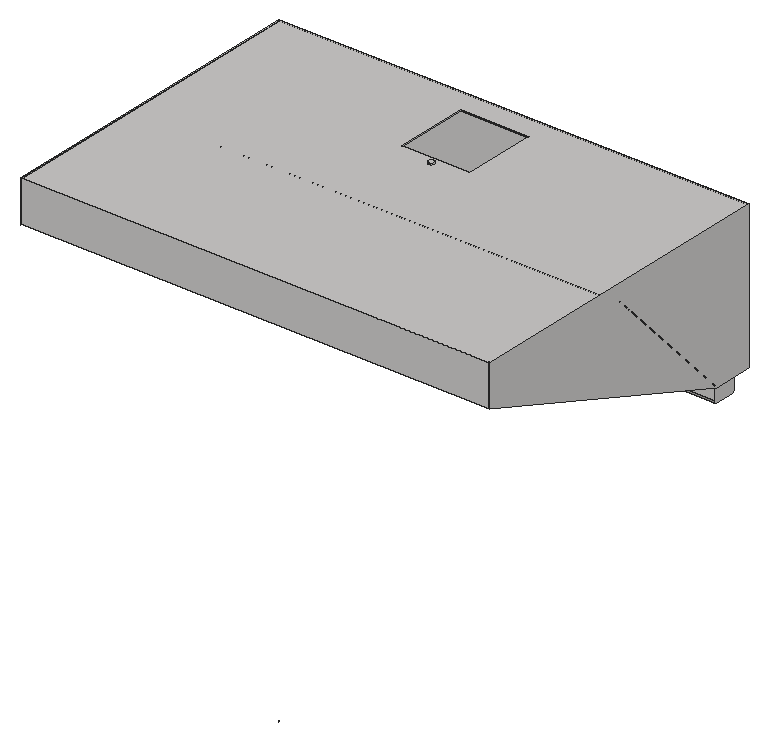
Revit family "QF_ELECTROLUXPROFESSIONAL_644192_AMPV1116BT", category Attrezzature speciali, Revit 2021
Family settings
  Quota connettore circolare = Usa diametro
  Tipo di parte = Normale
  Basato su piano di lavoro = No
  Sempre verticale = Sì
  Taglio con vuoti quando caricato = No
  Condiviso = No
  Punto di calcolo locali = No
Parameters (values of type "Standard")
  Weight = 51.00 kg
  Watts = 300 W
  Volts = 220 V
  URL Manufacturer = "https://www.electroluxprofessional.com/"
  URL = "https://www.electroluxprofessional.com/"
  Steam Supply Size = 0 mm
  Steam Supply Minimum Pressure = 0.0 Pa
  Steam Supply Maximum Pressure = 0.0 Pa
  Steam Consumption per Hour = 0
  Refrigeration Suction Line Size = 0 mm
  Refrigeration Liquid Line Size = 0 mm
  Refrigerant Compressor Remote = yes
  Prospetto di default = 0 mm
  Produttore = "Electrolux Professional"
  Phase = 1
  Modello = "AMPV1116BT"
  Length Actual = 1600 mm  # constant formula
  Item Number = "644192"
  Hot Water Size = 0 mm
  Height Actual = 500 mm  # constant formula
  HP = "0.4 HP"
  Gas Size = 0 mm
  Gas KW = 0
  Gas Input Pressure = 0 W
  Direct Waste Size = 0 mm
  Descrizione = "430 S/S WALL HOOD+FILTERS+FAN 1600X1100"
  Depth Actual = 1100 mm  # constant formula
  Cycle = 50 Hz
  Condensate Return Size = 0 mm
  Compressed Air Volume = 0.0 L/s
  Compressed Air Size = 0 mm
  Compressed Air Pressure = 0.0 Pa
  Cold Water Size = 0 mm
  Accessory = yes
Reference planes
  plane 1 "Center (Front/Back)": y = 0
  plane 2: z = 0
  plane 3 "Center (Left/Right)": x = 150
  plane 4 "LEFT": x = -650
  plane 5 "RIGHT": x = 950
  plane 6 "BACK": y = 550
  plane 7 "FRONT": y = -550
  plane 8 "Plane": z = 2000
  plane 9 "TOP": z = 2140
  plane 10 "Base": z = 1640
  plane 11: z = 1566
  plane 12 "DrainY": y = 485
  plane 13: x = -647
  plane 14: through (0, 414.509, 1640.8) normal (0, 0.7314, 0.682)
  plane 15: y = 470
  plane 16: y = 220
  plane 17 "DrainX": x = 830
  plane 18: x = 33.5
  plane 19: x = 266.5
  plane 20: x = 947
  plane 21: x = 740
  plane 22: x = 920
  plane 23: x = -450
  plane 24: x = 750
  plane 25: x = -47.5
  plane 26: x = 347.5
  plane 27: y = 200
Forms (mm)
  Extrusion 1, solid, material "QF_Finishes_Stainless Steel"
    sketch origin (-650, 0, 0) x (0, 1, 0) y (0, 0, 1)
      loop
        line (550, 1640) -> (550, 2140) -> (-550, 2140) -> (-550, 1999.112) -> (413.973, 1640) -> (550, 1640)
    from 0 to 3
  Extrusion 2, solid, material "QF_Finishes_Stainless Steel"
    sketch origin (150, 0, 0) x (0, 1, 0) y (0, 0, 1)
      loop
        line (415.255, 1640) -> (550, 1640) -> (550, 2139.19) -> (549.2, 2139.19) -> (549.2, 1640.8) -> (415.876, 1640.8) -> (339.347, 1722.867) -> (349.609, 1732.436) -> (348.927, 1733.167) -> (337.934, 1722.917) -> (415.255, 1640)
      loop
        line (-82.203, 2139.19) -> (-82.203, 2118.6) -> (-31.047, 2118.6) -> (34.354, 2048.466) -> (46.028, 2059.352) -> (45.346, 2060.083) -> (34.403, 2049.879) -> (-30.612, 2119.6) -> (-81.203, 2119.6) -> (-81.203, 2139.19) -> (-82.203, 2139.19)
    from -797 to 797
  Extrusion 3, solid, material "QF_Finishes_Stainless Steel"
    sketch origin (950, 0, 0) x (0, 1, 0) y (0, 0, 1)
      loop
        line (550, 1640) -> (550, 2140) -> (-550, 2140) -> (-550, 1999.112) -> (413.973, 1640) -> (550, 1640)
    from 0 to -3
  Extrusion 4, solid, material "QF_Finishes_Stainless Steel"
    sketch origin (150, 0, 0) x (0, 1, 0) y (0, 0, 1)
      loop
        line (-550, 2140) -> (-550, 2000) -> (-549.2, 2000) -> (-549.2, 2139.19) -> (550, 2139.19) -> (550, 2140) -> (-550, 2140)
    from -800 to 800
  Extrusion 5, solid, material "QF_Finishes_Stainless Steel"
    sketch origin (150, 0, 0) x (0, 1, 0) y (0, 0, 1)
      loop
        line (534, 1640) -> (436, 1640) -> (436, 1627) -> (443.5, 1627) -> (443.5, 1576)
        arc (443.5, 1576) -> (446.429, 1568.929) -> (453.5, 1566) r 10
        line (453.5, 1566) -> (516.5, 1566)
        arc (516.5, 1566) -> (523.571, 1568.929) -> (526.5, 1576) r 10
        line (526.5, 1576) -> (526.5, 1627) -> (534, 1627) -> (534, 1640)
    from 590 to 770
  Extrusion 6, solid, material "QF_Finishes_Stainless Steel"
    sketch origin (0, 0, 1640) x (0, 1, 0) y (-1, 0, 0)
      loop
        circle (485, -830) r 20
    from -76 to -74
  Extrusion 7, solid, material "QF_Finished_Chrome"
    sketch origin (150, 0, 0) x (0, 1, 0) y (0, 0, 1)
      loop
        line (337.934, 1722.917) -> (341.591, 1726.327) -> (38.011, 2051.876) -> (34.354, 2048.466) -> (337.934, 1722.917)
    from -197.5 to -600
  Extrusion 8, solid, material "QF_Finishes_Stainless Steel"
    sketch origin (150, 0, 0) x (0, 1, 0) y (0, 0, 1)
      loop
        line (337.934, 1722.917) -> (341.591, 1726.327) -> (38.011, 2051.876) -> (34.354, 2048.466) -> (337.934, 1722.917)
    from 797 to 600
  Extrusion 9, solid, material "QF_Finished_Chrome"
    sketch origin (150, 0, 0) x (0, 1, 0) y (0, 0, 1)
      loop
        line (341.588, 1726.324) -> (38.009, 2051.874) -> (34.354, 2048.466) -> (337.934, 1722.917) -> (341.588, 1726.324)
    from 197.5 to 600
  Extrusion 10, void
    sketch origin (0, 0, 2140) x (0, 1, 0) y (-1, 0, 0)
      loop
        line (470, -266.5) -> (470, -33.5) -> (220, -33.5) -> (220, -266.5) -> (470, -266.5)
    from 0 to -10
  Extrusion 11, solid, material "QF_Finishes_Stainless Steel"
    sketch origin (0, 0, 0) x (1, 0, 0) y (0, 1, 0)
      loop
        line (-650, 550) -> (-650, 549) -> (-649, 549) -> (-649, 550) -> (-650, 550)
    from 0 to 1
  Extrusion 12, solid, material "QF_Finishes_Stainless Steel"
    sketch origin (150, 0, 0) x (0, 1, 0) y (0, 0, 1)
      loop
        line (337.934, 1722.917) -> (341.591, 1726.327) -> (38.011, 2051.876) -> (34.354, 2048.466) -> (337.934, 1722.917)
    from -600 to -797
  Extrusion 13, solid, material "QF_Finishes_Stainless Steel"
    sketch origin (150, 0, 0) x (0, 1, 0) y (0, 0, 1)
      loop
        line (337.934, 1722.917) -> (341.591, 1726.327) -> (38.011, 2051.876) -> (34.354, 2048.466) -> (337.934, 1722.917)
    from 197.5 to -197.5
  Extrusion 14, solid, material "QF_Finishes_Stainless Steel"
    sketch origin (0, 0, 2140) x (0, 1, 0) y (-1, 0, 0)
      loop
        circle (200, -150) r 10
    from 0 to 1.6
Cuts and joins
  Extrusion 10 cuts Extrusion 4
  joined: Extrusion 2, Extrusion 4
Lines and regions (mm)
  reference lines
    curve 1: line (150, 34.354, 2048.466) -> (150, 34.354, 1888.466)
  symbolic lines, style "SpecialityEquipment", detail levels coarse
    curve 2: line (950, 550, 2140) -> (-650, 550, 2140)
    curve 3: line (-650, 550, 2140) -> (-650, -550, 2140)
    curve 4: line (950, -550, 2140) -> (950, 550, 2140)
    curve 5: line (-650, -550, 2140) -> (950, -550, 2140)
    curve 6: line (266.5, 220, 2140) -> (33.5, 220, 2140)
    curve 7: line (266.5, 470, 2140) -> (266.5, 220, 2140)
    curve 8: line (33.5, 470, 2140) -> (266.5, 470, 2140)
    curve 9: line (33.5, 220, 2140) -> (33.5, 470, 2140)
    curve 10: line (-650, 550, 0) -> (950, -550, 0)
    curve 11: line (950, 550, 0) -> (-650, -550, 0)
Dimensions and locks
  plane 4 "LEFT" to plane 5 "RIGHT" = 1600 mm
  equal spacing: plane 4 "LEFT", plane 3 "Center (Left/Right)", plane 5 "RIGHT"
  locked: plane 8 "Plane" to level at 2000
  plane 9 "TOP" to plane 8 "Plane" = 140 mm
  locked: plane 9 "TOP" to plane 10 "Base" at 500
  plane 10 "Base" to plane 11 = 74 mm
  plane 6 "BACK" to plane 12 "DrainY" = 65 mm  (x2)
  plane 4 "LEFT" to plane 13 = 3 mm
  plane 6 "BACK" to plane 15 = 80 mm
  plane 15 to plane 16 = 250 mm  (x2)
  plane 17 "DrainX" to plane 5 "RIGHT" = 120 mm
  plane 20 to plane 5 "RIGHT" = 3 mm
  locked: plane 21 to plane 17 "DrainX" at 90
  locked: plane 17 "DrainX" to plane 22 at 90
  plane 6 "BACK" to plane 7 "FRONT" = 1100 mm  (x2)
  equal spacing: plane 6 "BACK", plane 1 "Center (Front/Back)", plane 7 "FRONT"
  plane 16 to plane 7 "FRONT" = 770 mm
  plane 15 to plane 6 "BACK" = 80 mm
  plane 4 "LEFT" to plane 23 = 200 mm
  plane 24 to plane 5 "RIGHT" = 200 mm
  locked: plane 25 to plane 26 at 395
  equal spacing: plane 25, plane 3 "Center (Left/Right)", plane 26
  locked: plane 18 to plane 19 at 233
  equal spacing: plane 18, plane 3 "Center (Left/Right)", plane 19
  plane 16 to plane 27 = 20 mm
  aligned and locked: level to plane 2
  aligned and locked: Extrusion 2 to Extrusion 1
  aligned and locked: Extrusion 2 to Extrusion 3
  aligned and locked: plane 5 "RIGHT" to Extrusion 4
  aligned and locked: Extrusion 4 to plane 4 "LEFT"
  aligned and locked: plane 20 to Extrusion 8
  aligned and locked: Extrusion 10 to plane 18
  aligned and locked: Extrusion 10 to plane 16
  aligned and locked: Extrusion 10 to plane 15
  aligned and locked: Extrusion 2 to Extrusion 4
  aligned and locked: plane 22 to Extrusion 5
  aligned and locked: Extrusion 5 to plane 21
  aligned and locked: Extrusion 8 to plane 24
  aligned and locked: Extrusion 9 to plane 24
  aligned and locked: Extrusion 7 to plane 23
  aligned and locked: Extrusion 12 to plane 13
  aligned and locked: plane 23 to Extrusion 12
  aligned and locked: Extrusion 3 to plane 20
  aligned and locked: Extrusion 10 to plane 19
  aligned and locked: plane 19 to curve 7
  aligned and locked: plane 26 to Extrusion 13
  aligned and locked: Extrusion 13 to plane 25
  aligned and locked: Extrusion 9 to plane 26
Automatic sketch dimensions
  curve 5 to plane 5 "RIGHT" = 0 mm
  curve 5 to plane 7 "FRONT" = 0 mm
  curve 6 to plane 16 = 0 mm
  plane 15 to curve 8 = 0 mm
  curve 3 to plane 4 "LEFT" = 0 mm
  curve 3 to plane 6 "BACK" = 0 mm
  curve 6 to plane 18 = 0 mm
  Extrusion 1 sketch curve to plane 7 "FRONT" = 0 mm
  Extrusion 1 sketch curve to plane 10 "Base" = 0 mm
  Extrusion 1 sketch curve to plane 6 "BACK" = 0 mm
  Extrusion 1 sketch curve to plane 9 "TOP" = 0 mm
  plane 15 to Extrusion 1 sketch curve = 56.027 mm
  Extrusion 1 sketch curve to plane 8 "Plane" = 0.888 mm
  Extrusion 2 sketch curve to plane 14 = 0 mm  (x3)
  Extrusion 2 sketch curve to plane 10 "Base" = 0 mm
  plane 14 to Extrusion 2 sketch curve = 0 mm
  Extrusion 2 sketch curve to plane 6 "BACK" = 0 mm
  Extrusion 2 sketch curve to Extrusion 2 sketch curve = 65.646 mm
  Extrusion 2 sketch curve to Extrusion 2 sketch curve = 0.682 mm  (x2)
  Extrusion 2 sketch curve to Extrusion 2 sketch curve = 10.261 mm
  plane 10 "Base" to Extrusion 2 sketch curve = 82.917 mm
  Extrusion 2 sketch curve to plane 1 "Center (Front/Back)" = 46.028 mm
  Extrusion 2 sketch curve to Extrusion 2 sketch curve = 10.942 mm
  Extrusion 2 sketch curve to Extrusion 2 sketch curve = 0.049 mm
  Extrusion 2 sketch curve to plane 9 "TOP" = 20.4 mm
  Extrusion 2 sketch curve to plane 9 "TOP" = 21.4 mm
  Extrusion 2 sketch curve to plane 9 "TOP" = 0.81 mm  (x2)
  Extrusion 2 sketch curve to Extrusion 2 sketch curve = 50.156 mm
  Extrusion 2 sketch curve to Extrusion 2 sketch curve = 1 mm
  plane 10 "Base" to Extrusion 2 sketch curve = 0.8 mm
  Extrusion 2 sketch curve to plane 6 "BACK" = 0.8 mm
  Extrusion 3 sketch curve to plane 7 "FRONT" = 0 mm
  Extrusion 3 sketch curve to plane 10 "Base" = 0 mm
  Extrusion 3 sketch curve to plane 6 "BACK" = 0 mm
  Extrusion 3 sketch curve to plane 9 "TOP" = 0 mm
  plane 15 to Extrusion 3 sketch curve = 56.027 mm
  Extrusion 3 sketch curve to plane 8 "Plane" = 0.888 mm
  Extrusion 4 sketch curve to plane 7 "FRONT" = 0 mm
  Extrusion 4 sketch curve to plane 8 "Plane" = 0 mm
  Extrusion 4 sketch curve to plane 6 "BACK" = 0 mm
  Extrusion 4 sketch curve to plane 9 "TOP" = 0 mm
  plane 7 "FRONT" to Extrusion 4 sketch curve = 0.8 mm
  Extrusion 4 sketch curve to plane 9 "TOP" = 0.81 mm
  curve 1 to plane 14 = 0 mm
  curve 1 to plane 1 "Center (Front/Back)" = 34.354 mm
  curve 1 to plane 8 "Plane" = 111.534 mm
  Extrusion 5 sketch curve to plane 10 "Base" = 0 mm
  Extrusion 5 sketch curve to plane 11 = 0 mm
  Extrusion 5 sketch curve to plane 10 "Base" = 13 mm  (x2)
  plane 15 to Extrusion 5 sketch curve = 34 mm
  Extrusion 5 sketch curve to Extrusion 5 sketch curve = 7.5 mm  (x2)
  Extrusion 5 sketch curve to Extrusion 5 sketch curve = 10 mm
  plane 12 "DrainY" to Extrusion 5 sketch curve = 31.5 mm
  Extrusion 5 sketch curve to plane 6 "BACK" = 23.5 mm
  Extrusion 6 sketch curve to plane 12 "DrainY" = 0 mm
  Extrusion 6 sketch curve to plane 17 "DrainX" = 0 mm
  Extrusion 7 sketch curve to plane 14 = 0 mm  (x2)
  Extrusion 7 sketch curve to plane 1 "Center (Front/Back)" = 34.354 mm
  Extrusion 7 sketch curve to Extrusion 7 sketch curve = 3.657 mm
  plane 10 "Base" to Extrusion 7 sketch curve = 82.917 mm
  Extrusion 8 sketch curve to plane 14 = 0 mm  (x2)
  Extrusion 8 sketch curve to plane 1 "Center (Front/Back)" = 34.354 mm
  Extrusion 8 sketch curve to Extrusion 8 sketch curve = 3.657 mm
  plane 10 "Base" to Extrusion 8 sketch curve = 82.917 mm
  Extrusion 9 sketch curve to plane 14 = 0 mm  (x2)
  Extrusion 9 sketch curve to plane 1 "Center (Front/Back)" = 34.354 mm
  Extrusion 9 sketch curve to Extrusion 9 sketch curve = 3.655 mm
  plane 10 "Base" to Extrusion 9 sketch curve = 82.917 mm
  Extrusion 10 sketch curve to plane 16 = 0 mm
  plane 15 to Extrusion 10 sketch curve = 0 mm
  Extrusion 10 sketch curve to plane 19 = 0 mm
  Extrusion 10 sketch curve to plane 18 = 0 mm
  Extrusion 11 sketch curve to plane 4 "LEFT" = 0 mm
  Extrusion 11 sketch curve to plane 6 "BACK" = 0 mm
  plane 4 "LEFT" to Extrusion 11 sketch curve = 1 mm
  Extrusion 11 sketch curve to Extrusion 11 sketch curve = 1 mm
  Extrusion 12 sketch curve to plane 14 = 0 mm  (x2)
  Extrusion 12 sketch curve to plane 1 "Center (Front/Back)" = 34.354 mm
  Extrusion 12 sketch curve to Extrusion 12 sketch curve = 3.657 mm
  plane 10 "Base" to Extrusion 12 sketch curve = 82.917 mm
  Extrusion 13 sketch curve to plane 14 = 0 mm  (x2)
  Extrusion 13 sketch curve to plane 1 "Center (Front/Back)" = 34.354 mm
  Extrusion 13 sketch curve to Extrusion 13 sketch curve = 3.657 mm
  plane 10 "Base" to Extrusion 13 sketch curve = 82.917 mm
  curve 11 to plane 4 "LEFT" = 0 mm
  curve 10 to plane 4 "LEFT" = 0 mm
  curve 11 to plane 5 "RIGHT" = 0 mm
  curve 10 to plane 5 "RIGHT" = 0 mm
  curve 10 to plane 7 "FRONT" = 0 mm
  curve 11 to plane 7 "FRONT" = 0 mm
  curve 11 to plane 6 "BACK" = 0 mm
  curve 10 to plane 6 "BACK" = 0 mm
  Extrusion 14 sketch curve to plane 3 "Center (Left/Right)" = 0 mm
  Extrusion 14 sketch curve to plane 27 = 0 mm
  radius of Extrusion 6 sketch curve = 20 mm
  radius of Extrusion 14 sketch curve = 10 mm
Connectors
  piping at (830, 485, 1564), diameter 20
    settings: on Extrusion 6, index 1, connector inside diameter 609.6 mm, connector length 0 mm, flow factor 0, pipe flow 0.0 L/s, pressure drop 0.0 Pa, fitting loss kfactor 0, connector angle 0.00°, fixture units 0, engagement length 0 mm, angle of deflection 0.00°, flow configuration 1, flow direction 2, fitting loss method 0, system type 16, joint type 0, gender type 0, connector reference index -1, connector utility 0, adjustable connector no, is connector primary yes, connector description "Drain"
  hvac at (150, 345, 2140)
    settings: on Extrusion 10, index 2, duct flow 0.0 L/s, flow factor 0, pres drop 0.0 Pa, loss coef 0, conn angle 0.00°, conn width 250 mm, conn height 233 mm, conn diameter 609.6 mm, duct sys type 3, conn prof type 1, flow config 1, flow direction 2, loss method 0, conn ref index -1, conn util no, is conn primary yes, conn desc "EXHAUST OUTLET"
  electrical at (150, 200, 2141.6), driven by "Volts"
    settings: on Extrusion 14, index 3, voltage 220 V, apparent load 0 VA, apparent load phase1 0 VA, apparent load phase2 0 VA, apparent load phase3 0 VA, power factor 1, load classification "Other", number of poles 1, system type 30, power factor state 1, is connector primary yes, connector utility no, sub classification motor no, connector description "Electrical Connection"
